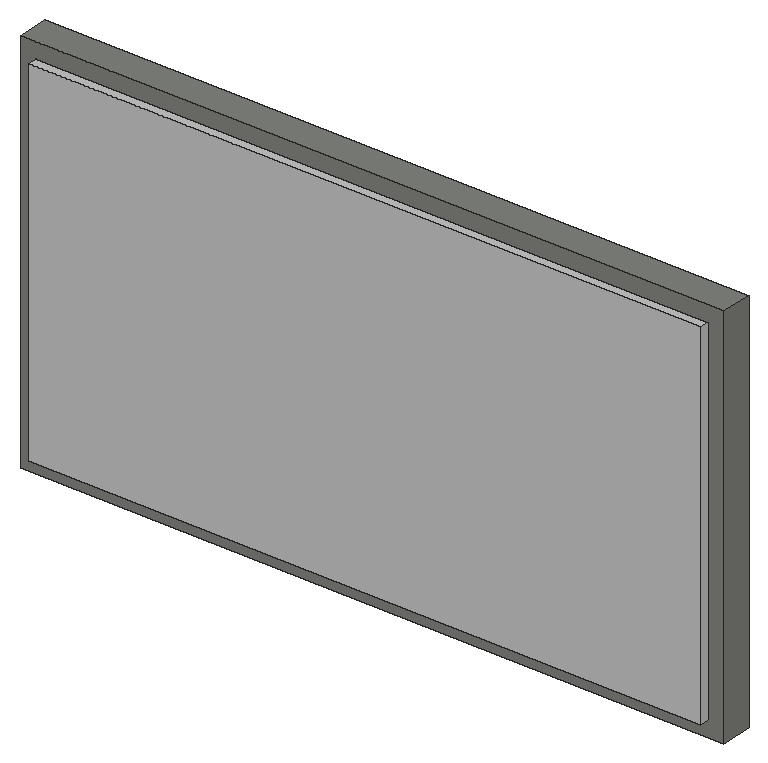
Revit family "CT_Veneziana", category Windows, host Wall, Revit 2025
Family settings
  Host = Wall
  OmniClass Number = 23.30.20.00
  OmniClass Title = Windows
  Always vertical = Yes
  Cut with Voids When Loaded = No
  Shared = No
  Room Calculation Point = Yes
Parameters (values of type "VZN_225x124_FAC_1PA")
  Material Placa = CT_Cobogo
  Material Marco = CT_Cobogo_Marco
  Height = 1.240 m
  Espess_Esquadria = 0.050 m
  Define Thermal Properties by = Schematic Type
  Default Sill Height = 0.800 m
  Wall Closure = By host
  Width = 2.250 m
  Analytic Construction = "<None>"
Reference planes (m)
  plane 1 "Center (Front/Back)": y = 0
  plane 2 "Center (Left/Right)": x = 0
  plane 3 "Left": x = -1.125
  plane 4 "Right": x = 1.125
  plane 5 "Sill": z = 0.8
  plane 6 "Head": z = 2.04
  plane 7 "Exterior": y = 0.05
  plane 8 "Interior": y = -0.05
Forms (m)
  Extrusion 1, solid, material "CT_Cobogo_Marco" <- "Material Marco"
    sketch origin (0, 0.05, 0) x (1, 0, 0) y (0, 0, 1)
      loop
        line (1.125, 2.04) -> (-1.125, 2.04) -> (-1.125, 0.8) -> (1.125, 0.8) -> (1.125, 2.04)
      loop
        line (1.075, 1.99) -> (-1.075, 1.99) -> (-1.075, 0.85) -> (1.075, 0.85) -> (1.075, 1.99)
    from 0 to 0.1
  Extrusion 2, solid, material "CT_Cobogo" <- "Material Placa"
    sketch origin (0, 0.05, 0) x (1, 0, 0) y (0, 0, 1)
      loop
        line (1.075, 1.99) -> (-1.075, 1.99) -> (-1.075, 0.85) -> (1.075, 0.85) -> (1.075, 1.99)
    from 0.05 to 0.12924
Lines and regions (m)
  Opening 1
    outline origin (3.5, -0.05, 0) x (1, 0, 0) y (0, 0, 1)
      loop
        line (-2.375, 0.8) -> (-2.375, 2.04) -> (-4.625, 2.04) -> (-4.625, 0.8) -> (-2.375, 0.8)
Text (m)
  text "EXTERIOR" at (-1.963203, 1.332353, 0), in view "Ref. Level"
  text "INTERIOR" at (-1.981466, -0.818386, 0), in view "Ref. Level"
  text "Exterior" at (0, 0.923751, 2.943296), in view "Right"
  text "Exterior" at (0, 1.040484, 2.685409), in view "Left"
Dimensions and locks (m)
  equal spacing: plane 3 "Left", plane 2 "Center (Left/Right)", plane 4 "Right"
  "Width": plane 3 "Left" to plane 4 "Right"
  "Height": plane 5 "Sill" to plane 6 "Head"
  "Default Sill Height": plane 5 "Sill" to level
  locked: plane 7 "Exterior" to host wall
  locked: plane 8 "Interior" to host wall
  "Espess_Esquadria": Extrusion 1 sketch curve to Extrusion 1 sketch curve  (x4)
  plane 5 "Sill" to Extrusion 1 sketch curve = 0.000 m
  locked: Extrusion 2 to Extrusion 2 at 0.07924
  aligned and locked: Extrusion 1 sketch curve to host wall  (x3)
  aligned and locked: plane 5 "Sill" to Extrusion 1
  aligned and locked: Extrusion 2 sketch curve to Extrusion 1  (x4)
  aligned and locked: plane 8 "Interior" to Extrusion 1
  aligned and locked: Extrusion 1 to plane 7 "Exterior"
  aligned and locked: host wall to Extrusion 2
Automatic sketch dimensions
  Opening 1 sketch curve to plane 3 "Left" = 0.000 m
  Opening 1 sketch curve to plane 4 "Right" = 0.000 m
  Opening 1 sketch curve to plane 5 "Sill" = 0.000 m
  Opening 1 sketch curve to plane 6 "Head" = 0.000 m
